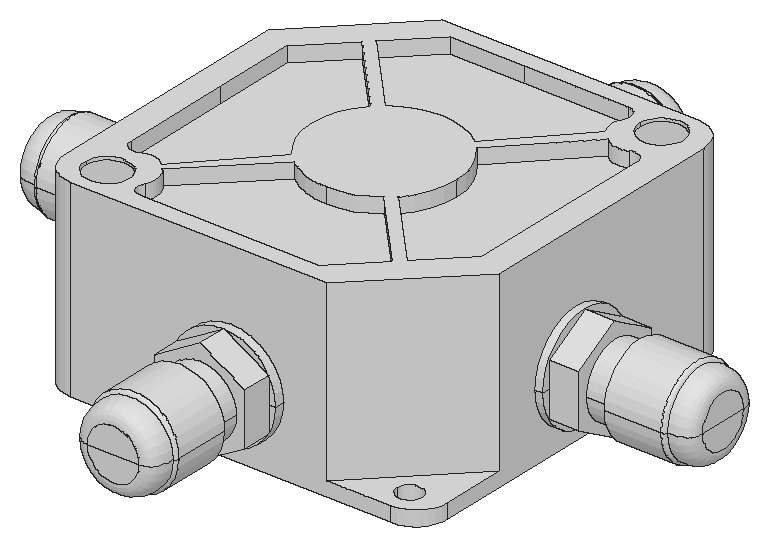
Revit family "ustroystvo soedinitelnoe_us-4_ex", category Датчики, Revit 2016
Family settings
  Сохранять ориентацию аннотаций = Нет
  Тип детали = Нормальный
  Размер круглого соединителя = Использовать диаметр
  На основе рабочей плоскости = Нет
  Всегда вертикально = Да
  При загрузке вырезать с полостями = Нет
  Общий = Нет
  Точка расчета площади = Нет
Parameters (values of type "УС-4-EX")
  Метизы = Металл
  Watermarked By = ""
  Type Comments = "﻿﻿                           ﻿       ﻿     ﻿       ​         ​       ​   ​                  ﻿      ​ ​  ​       ​     ​ ﻿​                    ﻿     ﻿       ﻿       ﻿     ​         ﻿               ﻿﻿"
  Изготовитель = "ООО НПП \"Магнито-Контакт\""
  Гермоввод = Пластик черный
  URL = "www.m-kontakt.ru"
  Keynote = "﻿﻿                           ﻿       ﻿     ﻿       ​         ​       ​   ​                  ﻿      ​ ​  ​       ​     ​ ﻿​                    ﻿     ﻿       ﻿       ﻿     ​         ﻿               ﻿﻿"
  Description = "﻿﻿                           ﻿       ﻿     ﻿       ​         ​       ​   ​                  ﻿      ​ ​  ​       ​     ​ ﻿​                    ﻿     ﻿       ﻿       ﻿     ​         ﻿               ﻿﻿"
  BL_Разработано = "support@bimlib.ru"  # constant formula
  BL_Email = "451694@bk.ru"  # constant formula
  BL_BIM library = "https://bimlib.ru/manufacturer/company/2873"
  Assembly Code = "﻿﻿                           ﻿       ﻿     ﻿       ​         ​       ​   ​                  ﻿      ​ ​  ​       ​     ​ ﻿​                    ﻿     ﻿       ﻿       ﻿     ​         ﻿               ﻿﻿"
  ADSK_Размер_Ширина = 106 mm
  ADSK_Размер_Длина = 106 mm
  ADSK_Размер_Высота = 32 mm
  ADSK_Примечание = ""
  ADSK_Позиция = ""
  ADSK_Обозначение = "ПАШК.425212.050 ТУ"
  ADSK_Наименование = "Устройство соединительное УС-4-ЕX"
  ADSK_Материал = Пластик белый
  ADSK_Масса = 0.2
  ADSK_Код изделия = ""
  ADSK_Завод-изготовитель = "ООО НПП \"Магнито-Контакт\""
  ADSK_Единица измерения = "шт."
  ADSK_Версия Revit = "2016"  # constant formula
  ADSK_URL страницы изделия = ""
  ADSK_URL документации изделия = ""
Reference planes
  plane 1 "По центру (Вперед/Назад)": y = 0
  plane 2: z = 0
  plane 3 "По центру (Влево/Вправо)": x = 0
  plane 4: z = 32
  plane 5: x = -53
  plane 6: x = 53
  plane 7: y = 53
  plane 8: y = -53
  plane 9: x = -30
  plane 10: x = 30
  plane 11: y = 30
  plane 12: y = -30
Forms (mm)
  Extrusion 1, solid, material "Пластик белый" <- "ADSK_Материал", detail levels medium+fine
    sketch origin (0, 0, 2) x (1, 0, 0) y (0, 1, 0)
      loop
        arc (-25, 30) -> (-28.536, 28.536) -> (-30, 25) r 5
        line (-30, 25) -> (-30, -25)
        arc (-30, -25) -> (-28.536, -28.536) -> (-25, -30) r 5
        line (-25, -30) -> (25, -30)
        arc (25, -30) -> (28.536, -28.536) -> (30, -25) r 5
        line (30, -25) -> (30, 25)
        arc (30, 25) -> (28.536, 28.536) -> (25, 30) r 5
        line (25, 30) -> (-25, 30)
    from 0 to 30
  Extrusion 2, void
    sketch origin (0, 0, 0) x (1, 0, 0) y (0, 1, 0)
      loop
        line (-30, 30) -> (-30, 15) -> (-15, 30) -> (-30, 30)
      loop
        line (30, -30) -> (30, -15) -> (15, -30) -> (30, -30)
    from 4.333 to 32
  Extrusion 3, void
    sketch origin (0, 0, 0) x (1, 0, 0) y (0, 1, 0)
      loop
        line (-25.734, 13.14) -> (-25.734, 0) -> (-25.734, -17.414)
        arc (-25.734, -17.414) -> (-24.88, -18.902) -> (-23.164, -18.918) r 1.725
        arc (-23.164, -18.918) -> (-21.093, -18.566) -> (-19.268, -19.605) r 3.123
        line (-19.268, -19.605) -> (-8.277, -7.703)
        arc (-8.277, -7.703) -> (-10.537, -4.1) -> (-11.307, 0.083) r 11.307
        arc (-11.307, 0.083) -> (-10.507, 4.177) -> (-8.277, 7.703) r 11.307
        line (-8.277, 7.703) -> (-19.268, 19.605) -> (-25.734, 13.14)
      loop
        line (-18.057, 20.816) -> (-7.02, 8.864)
        arc (-7.02, 8.864) -> (-3.72, 10.678) -> (-0.007, 11.307) r 11.307
        arc (-0.007, 11.307) -> (3.713, 10.68) -> (7.02, 8.864) r 11.307
        line (7.02, 8.864) -> (18.057, 20.816)
        arc (18.057, 20.816) -> (17.417, 22.668) -> (17.875, 24.573) r 3.491
        arc (17.875, 24.573) -> (17.871, 26.38) -> (16.305, 27.282) r 1.809
        line (16.305, 27.282) -> (0, 27.282) -> (-11.591, 27.282) -> (-18.057, 20.816)
      loop
        line (19.268, 19.605) -> (8.277, 7.703)
        arc (8.277, 7.703) -> (10.507, 4.177) -> (11.307, 0.083) r 11.307
        arc (11.307, 0.083) -> (10.537, -4.1) -> (8.277, -7.703) r 11.307
        line (8.277, -7.703) -> (19.268, -19.605) -> (25.734, -13.14) -> (25.734, 0) -> (25.734, 17.414)
        arc (25.734, 17.414) -> (24.88, 18.902) -> (23.164, 18.918) r 1.725
        arc (23.164, 18.918) -> (21.093, 18.566) -> (19.268, 19.605) r 3.123
      loop
        arc (-18.48, -20.324) -> (-17.448, -22.345) -> (-17.875, -24.573) r 3.491
        arc (-17.875, -24.573) -> (-17.871, -26.38) -> (-16.305, -27.282) r 1.809
        line (-16.305, -27.282) -> (0, -27.282) -> (11.591, -27.282) -> (18.057, -20.816) -> (7.02, -8.864)
        arc (7.02, -8.864) -> (3.713, -10.68) -> (-0.007, -11.307) r 11.307
        arc (-0.007, -11.307) -> (-3.72, -10.678) -> (-7.02, -8.864) r 11.307
        line (-7.02, -8.864) -> (-18.48, -20.324)
    from 29.614 to 32
  Extrusion 4, void
    sketch origin (0, 0, 0) x (1, 0, 0) y (0, 1, 0)
      loop
        circle (-24.956, 26.149) r 1.982
      loop
        circle (24.812, -26.023) r 1.982
    from 0 to 4.333
  Extrusion 5, void
    sketch origin (0, 0, 0) x (1, 0, 0) y (0, 1, 0)
      loop
        circle (23.397, 25.019) r 3.434
      loop
        circle (-23.491, -24.782) r 3.434
    from 28.361 to 32
  Extrusion 6, solid, material "Металл" <- "Метизы", detail levels medium+fine
    sketch origin (0, 0, 0) x (1, 0, 0) y (0, 1, 0)
      loop
        circle (23.393, 25.019) r 3.26
      loop
        circle (-23.524, -24.797) r 3.26
    from 28.361 to 31.625
  Revolve 7, solid, material "Пластик белый" <- "ADSK_Материал", detail levels fine
    sketch origin (0, 0, 12.813) x (1, 0, 0) y (0, 1, 0)
      loop
        line (0, 36.066) -> (0, 53) -> (-4.017, 53)
        spline (-4.017, 53) -> (-4.419, 52.975) -> (-4.786, 52.902) -> (-5.118, 52.779) -> (-5.414, 52.607) -> (-5.676, 52.386) -> (-5.903, 52.116) -> (-6.095, 51.797) -> (-6.253, 51.429) -> (-6.375, 51.012) -> (-6.462, 50.546) -> (-6.515, 50.03) -> (-6.532, 49.466)
        arc (-6.532, 49.466) -> (-6.859, 49.219) -> (-6.984, 48.829) r 0.675
        line (-6.984, 48.829) -> (-6.984, 40.032) -> (-5.674, 40.032) -> (-5.674, 36.066) -> (0, 36.066)
      loop
        line (0, 31.403) -> (-8.2, 31.403) -> (-8.2, 30) -> (0, 30) -> (0, 31.403)
      axis (0, 30) -> (0, 53)
    angle from 0 to 360
  Extrusion 8, solid, material "Пластик белый" <- "ADSK_Материал", detail levels fine
    sketch origin (0, 0, 0) x (1, 0, 0) y (0, 0, 1)
      loop
        line (0, 21.005) -> (-7.095, 16.909) -> (-7.095, 8.716) -> (0, 4.62) -> (7.095, 8.716) -> (7.095, 16.909) -> (0, 21.005)
    from -36.066 to -31.403
  Revolve 9, solid, material "Пластик белый" <- "ADSK_Материал", detail levels fine
    sketch origin (0, 0, 12.813) x (1, 0, 0) y (0, 1, 0)
      loop
        line (0, -36.066) -> (-5.674, -36.066) -> (-5.674, -40.032) -> (-6.984, -40.032) -> (-6.984, -48.829)
        arc (-6.984, -48.829) -> (-6.859, -49.219) -> (-6.532, -49.466) r 0.675
        spline (-6.532, -49.466) -> (-6.515, -50.03) -> (-6.462, -50.546) -> (-6.375, -51.012) -> (-6.253, -51.429) -> (-6.095, -51.797) -> (-5.903, -52.116) -> (-5.676, -52.386) -> (-5.414, -52.607) -> (-5.118, -52.779) -> (-4.786, -52.902) -> (-4.419, -52.975) -> (-4.017, -53)
        line (-4.017, -53) -> (0, -53) -> (0, -36.066)
      loop
        line (0, -31.403) -> (0, -30) -> (-8.2, -30) -> (-8.2, -31.403) -> (0, -31.403)
      axis (0, -30) -> (0, -53)
    angle from 0 to 360
  Extrusion 10, solid, material "Пластик белый" <- "ADSK_Материал", detail levels fine
    sketch origin (0, 0, 0) x (1, 0, 0) y (0, 0, -1)
      loop
        line (0, -21.005) -> (7.095, -16.909) -> (7.095, -8.716) -> (0, -4.62) -> (-7.095, -8.716) -> (-7.095, -16.909) -> (0, -21.005)
    from -36.066 to -31.403
  Revolve 11, solid, material "Пластик белый" <- "ADSK_Материал", detail levels fine
    sketch origin (0, 0, 12.813) x (0, -1, 0) y (1, 0, 0)
      loop
        line (0, -36.066) -> (-5.674, -36.066) -> (-5.674, -40.032) -> (-6.984, -40.032) -> (-6.984, -48.829)
        arc (-6.984, -48.829) -> (-6.859, -49.219) -> (-6.532, -49.466) r 0.675
        spline (-6.532, -49.466) -> (-6.515, -50.03) -> (-6.462, -50.546) -> (-6.375, -51.012) -> (-6.253, -51.429) -> (-6.095, -51.797) -> (-5.903, -52.116) -> (-5.676, -52.386) -> (-5.414, -52.607) -> (-5.118, -52.779) -> (-4.786, -52.902) -> (-4.419, -52.975) -> (-4.017, -53)
        line (-4.017, -53) -> (0, -53) -> (0, -36.066)
      loop
        line (0, -31.403) -> (0, -30) -> (-8.2, -30) -> (-8.2, -31.403) -> (0, -31.403)
      axis (0, -30) -> (0, -53)
    angle from 0 to 360
  Extrusion 12, solid, material "Пластик белый" <- "ADSK_Материал", detail levels fine
    sketch origin (0, 0, 0) x (0, -1, 0) y (0, 0, -1)
      loop
        line (0, -21.005) -> (7.095, -16.909) -> (7.095, -8.716) -> (0, -4.62) -> (-7.095, -8.716) -> (-7.095, -16.909) -> (0, -21.005)
    from -36.066 to -31.403
  Revolve 13, solid, material "Пластик белый" <- "ADSK_Материал", detail levels fine
    sketch origin (0, 0, 12.813) x (0, -1, 0) y (1, 0, 0)
      loop
        line (0, 36.066) -> (0, 53) -> (-4.017, 53)
        spline (-4.017, 53) -> (-4.419, 52.975) -> (-4.786, 52.902) -> (-5.118, 52.779) -> (-5.414, 52.607) -> (-5.676, 52.386) -> (-5.903, 52.116) -> (-6.095, 51.797) -> (-6.253, 51.429) -> (-6.375, 51.012) -> (-6.462, 50.546) -> (-6.515, 50.03) -> (-6.532, 49.466)
        arc (-6.532, 49.466) -> (-6.859, 49.219) -> (-6.984, 48.829) r 0.675
        line (-6.984, 48.829) -> (-6.984, 40.032) -> (-5.674, 40.032) -> (-5.674, 36.066) -> (0, 36.066)
      loop
        line (0, 31.403) -> (-8.2, 31.403) -> (-8.2, 30) -> (0, 30) -> (0, 31.403)
      axis (0, 30) -> (0, 53)
    angle from 0 to 360
  Extrusion 14, solid, material "Пластик белый" <- "ADSK_Материал", detail levels fine
    sketch origin (0, 0, 0) x (0, -1, 0) y (0, 0, 1)
      loop
        line (0, 21.005) -> (-7.095, 16.909) -> (-7.095, 8.716) -> (0, 4.62) -> (7.095, 8.716) -> (7.095, 16.909) -> (0, 21.005)
    from -36.066 to -31.403
  Extrusion 15, solid, material "Пластик белый" <- "ADSK_Материал", detail levels medium+fine
    sketch origin (0, 0, 0) x (1, 0, 0) y (0, 1, 0)
      loop
        circle (-18.85, 20.41) r 1.548
      loop
        circle (18.85, 20.41) r 1.548
      loop
        circle (-18.85, -20.41) r 1.548
      loop
        circle (18.85, -20.41) r 1.548
    from 0 to 2
Cuts and joins
  Extrusion 2, Extrusion 3, Extrusion 4, Extrusion 5 cuts Extrusion 1
Dimensions and locks
  "ADSK_Размер_Высота": level to plane 4
  equal spacing: plane 7, plane 1 "По центру (Вперед/Назад)", plane 8
  "ADSK_Размер_Ширина": plane 7 to plane 8
  equal spacing: plane 5, plane 3 "По центру (Влево/Вправо)", plane 6
  "ADSK_Размер_Длина": plane 5 to plane 6
  aligned and locked: level to plane 2
Automatic sketch dimensions
  Extrusion 1 sketch curve to plane 9 = 0 mm
  plane 12 to Extrusion 1 sketch curve = 0 mm
  Extrusion 1 sketch curve to plane 11 = 0 mm
  Extrusion 1 sketch curve to plane 10 = 0 mm
  Extrusion 1 sketch curve to plane 9 = 5 mm
  Extrusion 1 sketch curve to Extrusion 1 sketch curve = 5 mm
  Extrusion 1 sketch curve to plane 10 = 5 mm  (x2)
  Extrusion 2 sketch curve to plane 9 = 0 mm
  Extrusion 2 sketch curve to plane 11 = 0 mm
  plane 12 to Extrusion 2 sketch curve = 0 mm
  Extrusion 2 sketch curve to plane 10 = 0 mm
  Extrusion 2 sketch curve to plane 3 "По центру (Влево/Вправо)" = 15 mm
  plane 3 "По центру (Влево/Вправо)" to Extrusion 2 sketch curve = 15 mm
  plane 1 "По центру (Вперед/Назад)" to Extrusion 2 sketch curve = 15 mm
  Extrusion 2 sketch curve to plane 1 "По центру (Вперед/Назад)" = 15 mm
  Extrusion 3 sketch curve to Extrusion 3 sketch curve = 0 mm  (x56)
  plane 1 "По центру (Вперед/Назад)" to Extrusion 3 sketch curve = 0 mm  (x3)
  Extrusion 3 sketch curve to plane 3 "По центру (Влево/Вправо)" = 0 mm  (x3)
  Extrusion 3 sketch curve to plane 3 "По центру (Влево/Вправо)" = 7.02 mm  (x2)
  Extrusion 3 sketch curve to Extrusion 3 sketch curve = 1.257 mm  (x4)
  Extrusion 3 sketch curve to plane 11 = 2.718 mm
  Extrusion 3 sketch curve to plane 3 "По центру (Влево/Вправо)" = 11.591 mm
  Extrusion 3 sketch curve to plane 12 = 2.718 mm
  Extrusion 3 sketch curve to plane 9 = 13.695 mm
  Extrusion 3 sketch curve to Extrusion 3 sketch curve = 6.466 mm  (x5)
  Extrusion 3 sketch curve to Extrusion 3 sketch curve = 2.175 mm
  Extrusion 3 sketch curve to Extrusion 3 sketch curve = 0.788 mm
  Extrusion 3 sketch curve to Extrusion 3 sketch curve = 1.211 mm  (x6)
  Extrusion 3 sketch curve to Extrusion 3 sketch curve = 2.423 mm
  Extrusion 3 sketch curve to Extrusion 3 sketch curve = 0.732 mm  (x2)
  Extrusion 3 sketch curve to Extrusion 3 sketch curve = 2.372 mm  (x2)
  Extrusion 3 sketch curve to plane 9 = 4.266 mm
  plane 3 "По центру (Влево/Вправо)" to Extrusion 3 sketch curve = 7.02 mm  (x2)
  plane 3 "По центру (Влево/Вправо)" to Extrusion 3 sketch curve = 11.591 mm
  Extrusion 3 sketch curve to plane 11 = 4.527 mm
  Extrusion 3 sketch curve to plane 10 = 13.695 mm
  Extrusion 3 sketch curve to Extrusion 3 sketch curve = 1.752 mm
  Extrusion 3 sketch curve to Extrusion 3 sketch curve = 2.847 mm
  Extrusion 3 sketch curve to plane 10 = 4.266 mm
  Extrusion 3 sketch curve to Extrusion 3 sketch curve = 1.809 mm
  Extrusion 3 sketch curve to Extrusion 3 sketch curve = 2.636 mm
  Extrusion 3 sketch curve to Extrusion 3 sketch curve = 1.196 mm  (x2)
  Extrusion 3 sketch curve to Extrusion 3 sketch curve = 1.317 mm
  Extrusion 3 sketch curve to Extrusion 3 sketch curve = 0.719 mm
  Extrusion 3 sketch curve to Extrusion 3 sketch curve = 4.228 mm
  plane 1 "По центру (Вперед/Назад)" to Extrusion 3 sketch curve = 8.864 mm
  Extrusion 3 sketch curve to Extrusion 3 sketch curve = 1.161 mm  (x3)
  Extrusion 3 sketch curve to plane 1 "По центру (Вперед/Назад)" = 13.14 mm
  Extrusion 3 sketch curve to Extrusion 3 sketch curve = 8.059 mm
  Extrusion 3 sketch curve to Extrusion 3 sketch curve = 2.192 mm
  Extrusion 3 sketch curve to Extrusion 3 sketch curve = 2.036 mm
  Extrusion 3 sketch curve to plane 3 "По центру (Влево/Вправо)" = 0.007 mm  (x2)
  Extrusion 3 sketch curve to plane 1 "По центру (Вперед/Назад)" = 0.083 mm  (x2)
  Extrusion 4 sketch curve to plane 9 = 5.044 mm
  Extrusion 4 sketch curve to plane 10 = 5.188 mm
  Extrusion 4 sketch curve to plane 12 = 3.977 mm
  Extrusion 4 sketch curve to plane 11 = 3.851 mm
  Extrusion 5 sketch curve to plane 9 = 6.509 mm
  Extrusion 5 sketch curve to plane 10 = 6.603 mm
  Extrusion 5 sketch curve to plane 12 = 5.218 mm
  Extrusion 5 sketch curve to plane 11 = 4.981 mm
  Extrusion 6 sketch curve to plane 9 = 6.476 mm
  Extrusion 6 sketch curve to plane 10 = 6.607 mm
  Extrusion 6 sketch curve to plane 12 = 5.203 mm
  Extrusion 6 sketch curve to plane 11 = 4.981 mm
  Revolve 7 sketch curve to plane 11 = 0 mm
  Revolve 7 sketch curve to plane 7 = 0 mm
  Revolve 7 sketch curve to plane 3 "По центру (Влево/Вправо)" = 0 mm  (x3)
  Revolve 7 sketch curve to plane 3 "По центру (Влево/Вправо)" = 4.017 mm
  Revolve 7 sketch curve to plane 3 "По центру (Влево/Вправо)" = 5.674 mm
  Revolve 7 sketch curve to Revolve 7 sketch curve = 2.291 mm
  Revolve 7 sketch curve to Revolve 7 sketch curve = 0.223 mm
  Revolve 7 sketch curve to Revolve 7 sketch curve = 0.675 mm
  Revolve 7 sketch curve to Revolve 7 sketch curve = 2.527 mm
  plane 11 to Revolve 7 sketch curve = 1.403 mm
  Revolve 7 sketch curve to Revolve 7 sketch curve = 4.663 mm
  Revolve 7 sketch curve to Revolve 7 sketch curve = 3.966 mm
  Revolve 7 sketch curve to plane 7 = 4.171 mm
  Revolve 7 sketch curve to Revolve 7 sketch curve = 0.501 mm
  Revolve 7 sketch curve to Revolve 7 sketch curve = 0.956 mm
  Extrusion 8 sketch curve to plane 3 "По центру (Влево/Вправо)" = 0 mm  (x2)
  Extrusion 8 sketch curve to plane 3 "По центру (Влево/Вправо)" = 7.095 mm
  plane 3 "По центру (Влево/Вправо)" to Extrusion 8 sketch curve = 7.095 mm
  level to Extrusion 8 sketch curve = 4.62 mm
  Extrusion 8 sketch curve to Extrusion 8 sketch curve = 4.096 mm  (x3)
  Extrusion 8 sketch curve to Extrusion 8 sketch curve = 8.192 mm  (x2)
  plane 12 to Revolve 9 sketch curve = 0 mm
  Revolve 9 sketch curve to plane 8 = 0 mm
  Revolve 9 sketch curve to plane 3 "По центру (Влево/Вправо)" = 0 mm  (x3)
  Revolve 9 sketch curve to plane 3 "По центру (Влево/Вправо)" = 4.017 mm
  Revolve 9 sketch curve to plane 3 "По центру (Влево/Вправо)" = 5.674 mm
  Revolve 9 sketch curve to Revolve 9 sketch curve = 2.291 mm
  Revolve 9 sketch curve to Revolve 9 sketch curve = 0.223 mm
  Revolve 9 sketch curve to Revolve 9 sketch curve = 0.675 mm
  Revolve 9 sketch curve to Revolve 9 sketch curve = 2.527 mm
  plane 8 to Revolve 9 sketch curve = 3.534 mm
  Revolve 9 sketch curve to Revolve 9 sketch curve = 8.797 mm
  Revolve 9 sketch curve to Revolve 9 sketch curve = 6.066 mm
  Revolve 9 sketch curve to Revolve 9 sketch curve = 1.403 mm
  Revolve 9 sketch curve to Revolve 9 sketch curve = 0.956 mm
  Revolve 9 sketch curve to Revolve 9 sketch curve = 0.501 mm
  Extrusion 10 sketch curve to plane 3 "По центру (Влево/Вправо)" = 0 mm  (x2)
  Extrusion 10 sketch curve to plane 3 "По центру (Влево/Вправо)" = 7.095 mm
  plane 3 "По центру (Влево/Вправо)" to Extrusion 10 sketch curve = 7.095 mm
  Extrusion 10 sketch curve to plane 4 = 10.995 mm
  Extrusion 10 sketch curve to Extrusion 10 sketch curve = 4.096 mm  (x2)
  Extrusion 10 sketch curve to Extrusion 10 sketch curve = 8.192 mm  (x2)
  level to Extrusion 10 sketch curve = 4.62 mm
  Revolve 11 sketch curve to plane 9 = 0 mm
  Revolve 11 sketch curve to plane 5 = 0 mm
  plane 1 "По центру (Вперед/Назад)" to Revolve 11 sketch curve = 0 mm  (x3)
  Revolve 11 sketch curve to Revolve 11 sketch curve = 4.017 mm
  Revolve 11 sketch curve to Revolve 11 sketch curve = 5.674 mm
  Revolve 11 sketch curve to Revolve 11 sketch curve = 2.291 mm
  Revolve 11 sketch curve to Revolve 11 sketch curve = 0.223 mm
  Revolve 11 sketch curve to Revolve 11 sketch curve = 0.675 mm
  Revolve 11 sketch curve to Revolve 11 sketch curve = 2.527 mm
  plane 5 to Revolve 11 sketch curve = 3.534 mm
  Revolve 11 sketch curve to Revolve 11 sketch curve = 8.797 mm
  Revolve 11 sketch curve to Revolve 11 sketch curve = 6.066 mm
  Revolve 11 sketch curve to Revolve 11 sketch curve = 1.403 mm
  Revolve 11 sketch curve to Revolve 11 sketch curve = 0.956 mm
  Revolve 11 sketch curve to Revolve 11 sketch curve = 0.501 mm
  Extrusion 12 sketch curve to plane 1 "По центру (Вперед/Назад)" = 0 mm  (x2)
  Extrusion 12 sketch curve to plane 1 "По центру (Вперед/Назад)" = 7.095 mm
  plane 1 "По центру (Вперед/Назад)" to Extrusion 12 sketch curve = 7.095 mm
  Extrusion 12 sketch curve to plane 4 = 10.995 mm
  Extrusion 12 sketch curve to Extrusion 12 sketch curve = 4.096 mm  (x2)
  Extrusion 12 sketch curve to Extrusion 12 sketch curve = 8.192 mm  (x2)
  level to Extrusion 12 sketch curve = 4.62 mm
  Revolve 13 sketch curve to plane 10 = 0 mm
  Revolve 13 sketch curve to plane 6 = 0 mm
  plane 1 "По центру (Вперед/Назад)" to Revolve 13 sketch curve = 0 mm  (x3)
  Revolve 13 sketch curve to plane 1 "По центру (Вперед/Назад)" = 4.017 mm
  Revolve 13 sketch curve to plane 1 "По центру (Вперед/Назад)" = 5.674 mm
  Revolve 13 sketch curve to Revolve 13 sketch curve = 2.291 mm
  Revolve 13 sketch curve to Revolve 13 sketch curve = 0.223 mm
  Revolve 13 sketch curve to Revolve 13 sketch curve = 0.675 mm
  Revolve 13 sketch curve to Revolve 13 sketch curve = 2.527 mm
  plane 10 to Revolve 13 sketch curve = 1.403 mm
  Revolve 13 sketch curve to Revolve 13 sketch curve = 4.663 mm
  Revolve 13 sketch curve to Revolve 13 sketch curve = 3.966 mm
  plane 6 to Revolve 13 sketch curve = 4.171 mm
  Revolve 13 sketch curve to Revolve 13 sketch curve = 0.501 mm
  Revolve 13 sketch curve to Revolve 13 sketch curve = 0.956 mm
  Extrusion 14 sketch curve to plane 1 "По центру (Вперед/Назад)" = 0 mm  (x2)
  Extrusion 14 sketch curve to plane 1 "По центру (Вперед/Назад)" = 7.095 mm
  plane 1 "По центру (Вперед/Назад)" to Extrusion 14 sketch curve = 7.095 mm
  level to Extrusion 14 sketch curve = 4.62 mm
  Extrusion 14 sketch curve to Extrusion 14 sketch curve = 4.096 mm  (x3)
  Extrusion 14 sketch curve to Extrusion 14 sketch curve = 8.192 mm  (x2)
  Extrusion 15 sketch curve to plane 9 = 11.15 mm  (x2)
  Extrusion 15 sketch curve to plane 10 = 11.15 mm  (x2)
  Extrusion 15 sketch curve to plane 12 = 9.59 mm  (x2)
  Extrusion 15 sketch curve to plane 11 = 9.59 mm  (x2)
  radius of Extrusion 4 sketch curve = 1.982 mm  (x2)
  radius of Extrusion 5 sketch curve = 3.434 mm  (x2)
  radius of Extrusion 6 sketch curve = 3.26 mm  (x2)
  radius of Extrusion 15 sketch curve = 1.548 mm  (x4)
Nested families
  nested 1: "уго_коробка" at (0, 0, 0), type "уго_коробка", detail levels coarse
Connectors
  electrical at (0, 0, 2)
    settings: on cut or joined group of Extrusion 1, Extrusion 2, Extrusion 3, Extrusion 4, Extrusion 5, index 1, voltage 0 V, apparent load 0 VA, apparent load phase1 0 VA, apparent load phase2 0 VA, apparent load phase3 0 VA, power factor 1, load classification "Прочее", number of poles 1, system type 10, power factor state 1, is connector primary yes, connector utility no, sub classification motor no, connector description ""
Definition of nested family "уго_коробка"
  Parameters (values of type "уго_коробка")
    Watermarked By = ""
  Reference planes
    plane 1: y = 0
    plane 2: x = 0
  Lines and regions (mm)
    detail lines
      curve 1: circle (0, 0, 0) r 1.462 normal (0, 0, 1)
